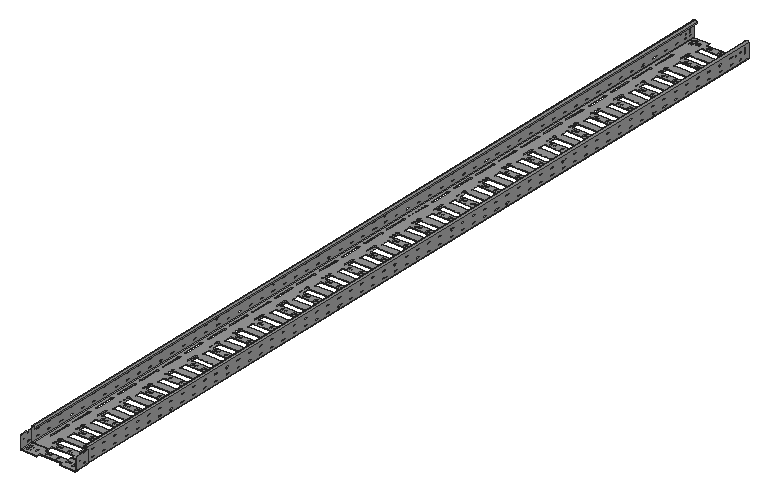
Revit family "MKSM Magic Kabelrinne 1 mm- MKSM 620 FT,FS", category Generic Models, Revit 2017
Family settings
  Can host rebar = No
  Round Connector Dimension = Use Diameter
  Part Type = Normal
  Work Plane-Based = No
  Always vertical = Yes
  Cut with Voids When Loaded = No
  Shared = No
  Room Calculation Point = No
Parameters (values of type "MKSM 620 FS")
  Width 2 = 50 mm
  Width 1 = Width / 2  # 100 mm
  Width = 200 mm
  URL = "http://www.obo-bettermann.com"
  Material = Strip galvanised
  Manufacturer Art.No. = "6059004"
  Manufacturer = "OBO Bettermann"
  Length 4 = 2745 mm
  Length 3 = 2846.7 mm
  Length 2 = 2897.5 mm
  Length 1 = 3000 mm
  Length = 3050 mm
  Height 1 = 48.3 mm
  Height = 58 mm
  GTIN = "4012195829942"
  Cut's space 2 = 101.7 mm
  Cut's space = 50.8 mm
  Cut's number 4 = Length 4 / Cut's space 2  # 27
  Cut's number 3 = Length 3 / Cut's space 2  # 28
  Cut's number 2 = Length 2 / Cut's space  # 57
  Cut's number = 2
  Article Type = "MKSM 620 FS"
Reference planes
  plane 1 "Center (Front/Back)": y = 0
  plane 2: z = 0
  plane 3 "Center (Left/Right)": x = 0
  plane 4: x = -88
  plane 5: z = 58
  plane 6: z = 58
  plane 7: z = 49
  plane 8: x = 88
  plane 9: z = 49
  plane 10: z = 58
  plane 11: z = -1.8
  plane 12: y = 15
  plane 13: z = 29.6
  plane 14: z = 17.45
  plane 15: y = 28
  plane 16: y = 45
  plane 17: y = 28
  plane 18: y = 30
  plane 19: z = 22.25
  plane 20: y = 35
  plane 21: y = 15
  plane 22: y = 28
  plane 23: z = 29.6
  plane 24: z = 22.25
  plane 25: y = 34.998
  plane 26: x = -81
  plane 27: x = 81
  plane 28: y = 25.42
  plane 29: y = 25.42
  plane 30: x = 54
  plane 31: x = -20.017
  plane 32: x = 20
  plane 33: x = -54
  plane 34: y = 3014.15
  plane 35: z = 0
  plane 36: z = 27.5
  plane 37: z = 38.5
  plane 38: z = 38.5
  plane 39: y = 2973.75
  plane 40: z = 38.5
  plane 41: z = 13.5
  plane 42: y = 2922.931
  plane 43: y = 76.25
  plane 44: z = 13.56
  plane 45: z = 13.56
  plane 46: z = 13.56
  plane 47: z = 13.56
  plane 48: z = 13.56
  plane 49: z = 13.56
  plane 50: z = 13.56
  plane 51: z = 13.56
  plane 52: z = 13.56
  plane 53: z = 13.56
  plane 54: z = 13.56
  plane 55: z = 13.56
  plane 56: z = 13.56
  plane 57: z = 13.56
  plane 58: z = 13.56
  plane 59: z = 13.56
  plane 60: z = 13.56
  plane 61: z = 13.56
  plane 62: z = 13.56
  plane 63: z = 13.56
  plane 64: z = 13.56
  plane 65: z = 13.56
  plane 66: z = 13.56
  plane 67: z = 13.56
  plane 68: z = 13.56
  plane 69: z = 13.56
  plane 70: z = 13.56
  plane 71: z = 13.56
  plane 72: z = 13.56
  plane 73: z = 13.56
  plane 74: z = 13.56
  plane 75: z = 13.56
  plane 76: z = 13.56
  plane 77: z = 13.56
  plane 78: z = 13.56
  plane 79: z = 13.56
  plane 80: z = 13.56
  plane 81: z = 13.56
  plane 82: z = 13.56
  plane 83: z = 13.56
  plane 84: z = 13.56
  plane 85: z = 13.56
  plane 86: z = 13.56
  plane 87: z = 13.56
  plane 88: z = 13.56
  plane 89: z = 13.56
  plane 90: z = 13.56
  plane 91: z = 13.56
  plane 92: z = 13.56
  plane 93: z = 13.56
  plane 94: z = 13.56
  plane 95: z = 13.56
  plane 96: z = 13.56
  plane 97: z = 13.56
  plane 98: z = 13.56
  plane 99: z = 13.56
  plane 100: z = 13.56
  plane 101: z = 13.56
  plane 102: z = 38.56
  plane 103: y = 127.088
  plane 104: y = 277.088
  plane 105: x = 0
  plane 106: y = 3037.29
  plane 107: y = 12.71
  plane 108: y = 127.08
  plane 109: y = 50.83
  plane 110: y = 2922.92
  plane 111: y = 254.252
  plane 112: z = 35
  plane 113: z = 35
  plane 114: z = 34.99
  plane 115: z = 34.99
  plane 116: y = 3035.3
  plane 117: z = 10.06
  plane 118: y = 3027.3
  plane 119: y = 152.5
  plane 120: y = 203.324
  plane 121: x = -20
  plane 122: x = 20
  plane 123: x = 61
  plane 124: x = -61
  plane 125: y = 3024.9
  plane 126: x = 13
  plane 127: x = 16.17
  plane 128: x = 27
  plane 129: y = 3029.9
  plane 130: y = 3019.9
  plane 131: x = -13
  plane 132: y = 3029.9
  plane 133: y = 3019.9
  plane 134: x = -15.976
  plane 135: x = -27
  plane 136: y = 3029.9
  plane 137: y = 3019.9
  plane 138: x = 66
  plane 139: x = 54
  plane 140: x = -66.007
  plane 141: x = -54.007
  plane 142: y = 3029.9
  plane 143: y = 3019.9
  plane 144: x = -81
  plane 145: z = -3.5
  plane 146: x = 81
  plane 147: y = 3028.422
  plane 148: y = 3013.381
  plane 149: x = -88
  plane 150: x = -74
  plane 151: x = -88
  plane 152: x = -88
  plane 153: x = -74
  plane 154: y = 3036.4
  plane 155: z = -3.5
  plane 156: x = 88
  plane 157: x = 74
  plane 158: y = 3036.4
  plane 159: y = 3013.4
  plane 160: y = 3019.925
  plane 161: y = 127.08
  plane 162: x = -20
  plane 163: x = -20
  plane 164: x = -20
  plane 165: y = 279.571
  plane 166: y = 177.912
  plane 167: x = -20
  plane 168: x = -20
  plane 169: x = -20
  plane 170: x = -20
  plane 171: x = -20
  plane 172: x = -20
  plane 173: x = -20
  plane 174: x = -20
  plane 175: x = -20
  plane 176: x = -20
  plane 177: x = -20
  plane 178: x = -20
  plane 179: x = -20
  plane 180: x = -20
  plane 181: x = -20
  plane 182: x = -20
  plane 183: x = -20
  plane 184: x = -20
  plane 185: x = -20
  plane 186: x = -20
  plane 187: x = -20
  plane 188: x = -20
  plane 189: x = -20
  plane 190: x = -20
  plane 191: x = -20
  plane 192: x = -20
  plane 193: y = 2922.708
  plane 194: y = 152.5
  plane 195: y = 2899.526
  plane 196: y = 2797.785
  plane 197: y = 101.67
  plane 198: x = -48
  plane 199: x = 48
  plane 200: x = -48
  plane 201: x = 48
  plane 202: x = -48
  plane 203: x = 48
  plane 204: x = -48
  plane 205: x = 48
  plane 206: x = -48
  plane 207: x = 48
  plane 208: x = -48
  plane 209: x = 48
  plane 210: x = -48
  plane 211: x = 48
  plane 212: x = -48
  plane 213: x = 48
  plane 214: x = -48
  plane 215: x = 48
  plane 216: x = -48
  plane 217: x = 48
  plane 218: x = -48
  plane 219: x = 48
  plane 220: x = -48
  plane 221: x = 48
  plane 222: x = -48
  plane 223: x = 48
  plane 224: x = -48
  plane 225: x = 48
  plane 226: x = -48
  plane 227: x = 48
  plane 228: x = -48
  plane 229: x = 48
  plane 230: x = -48
  plane 231: x = 48
  plane 232: x = -48
  plane 233: x = 48
  plane 234: x = -48
  plane 235: x = 48
  plane 236: x = -48
  plane 237: x = 48
  plane 238: x = -48
  plane 239: x = 48
  plane 240: x = -48
  plane 241: x = 48
  plane 242: x = -48
  plane 243: x = 48
  plane 244: x = -48
  plane 245: x = 48
  plane 246: x = -48
  plane 247: x = 48
  plane 248: x = -48
  plane 249: x = 48
  plane 250: x = -48
  plane 251: x = 48
  plane 252: x = -48
  plane 253: x = 48
  plane 254: x = -48
  plane 255: x = 48
  plane 256: y = 2999.17
  plane 257: x = -81
  plane 258: x = -81
Forms (mm)
  Extrusion 1, solid, material "Strip galvanised" <- "Material"
    sketch origin (0, 0, 0) x (1, 0, 0) y (0, 0, 1)
      loop
        line (-100, 51.968) -> (-100, 2.5)
        arc (-100, 2.5) -> (-99.268, 0.732) -> (-97.5, 0) r 2.5
        line (-97.5, 0) -> (97.5, 0)
        arc (97.5, 0) -> (99.268, 0.732) -> (100, 2.5) r 2.5
        line (100, 2.5) -> (100, 52.003)
        arc (100, 52.003) -> (94, 58.003) -> (88, 52.003) r 6
        line (88, 52.003) -> (88, 49) -> (89, 49) -> (89, 52.003)
        arc (89, 52.003) -> (94, 57.003) -> (99, 52.003) r 5
        line (99, 52.003) -> (99, 2)
        arc (99, 2) -> (98.707, 1.293) -> (98, 1) r 1
        line (98, 1) -> (-98, 1)
        arc (-98, 1) -> (-98.707, 1.293) -> (-99, 2) r 1
        line (-99, 2) -> (-99, 51.968)
        arc (-99, 51.968) -> (-94, 56.968) -> (-89, 51.968) r 5
        line (-89, 51.968) -> (-89, 49) -> (-88, 49) -> (-88, 51.968)
        arc (-88, 51.968) -> (-94, 57.968) -> (-100, 51.968) r 6
    from -3050 to -50
  Extrusion 2, solid, material "Strip galvanised" <- "Material"
    sketch origin (0, 0, 0) x (1, 0, 0) y (0, 0, 1)
      loop
        line (-100, 46.45) -> (-101.8, 46.45) -> (-101.8, 2.45)
        arc (-101.8, 2.45) -> (-100.555, -0.555) -> (-97.55, -1.8) r 4.25
        line (-97.55, -1.8) -> (97.55, -1.8)
        arc (97.55, -1.8) -> (100.555, -0.555) -> (101.8, 2.45) r 4.25
        line (101.8, 2.45) -> (101.8, 46.45) -> (100, 46.45) -> (100, 2.5)
        arc (100, 2.5) -> (99.268, 0.732) -> (97.5, 0) r 2.5
        line (97.5, 0) -> (-97.5, 0)
        arc (-97.5, 0) -> (-99.268, 0.732) -> (-100, 2.5) r 2.5
        line (-100, 2.5) -> (-100, 46.45)
    from -50 to 0
  Extrusion 3, void
    sketch origin (0, 0, 0) x (0, 1, 0) y (0, 0, 1)
      loop
        line (10, 29.6) -> (10, 25.6) -> (20, 25.6) -> (20, 29.6) -> (10, 29.6)
    from 100 to 101.8
  Extrusion 4, void
    sketch origin (0, 0, 0) x (0, 1, 0) y (0, 0, 1)
      loop
        line (0, 46.45) -> (0, 37.978) -> (3.084, 46.45) -> (0, 46.45)
    from 100 to 101.8
  Extrusion 5, void
    sketch origin (0, 0, 0) x (0, 1, 0) y (0, 0, 1)
      loop
        arc (32.245, 17.45) -> (27.995, 13.2) -> (32.245, 8.95) r 4.25
        line (32.245, 8.95) -> (40.755, 8.95)
        arc (40.755, 8.95) -> (45.005, 13.2) -> (40.755, 17.45) r 4.25
        line (40.755, 17.45) -> (32.245, 17.45)
    from 100 to 101.8
  Extrusion 6, void
    sketch origin (0, 0, 0) x (0, 1, 0) y (0, 0, 1)
      loop
        line (30, 38.141) -> (30, 22.75)
        arc (30, 22.75) -> (30.146, 22.396) -> (30.5, 22.25) r 0.5
        line (30.5, 22.25) -> (33.5, 22.25)
        arc (33.5, 22.25) -> (34.561, 22.689) -> (35, 23.75) r 1.5
        line (35, 23.75) -> (35, 38.19) -> (38.006, 46.45) -> (35, 46.45) -> (26.976, 46.45) -> (30, 38.141)
    from 100 to 101.8
  Extrusion 7, void
    sketch origin (0, 0, 0) x (0, 1, 0) y (0, 0, 1)
      loop
        line (0, 46.45) -> (0, 38.093) -> (3.042, 46.45) -> (0, 46.45)
    from -101.8 to -100
  Extrusion 8, void
    sketch origin (0, 0, 0) x (0, 1, 0) y (0, 0, 1)
      loop
        line (40.75, 17.45) -> (32.26, 17.45)
        arc (32.26, 17.45) -> (28.01, 13.2) -> (32.26, 8.95) r 4.25
        line (32.26, 8.95) -> (40.75, 8.95)
        arc (40.75, 8.95) -> (45, 13.2) -> (40.75, 17.45) r 4.25
    from -101.8 to -100
  Extrusion 9, void
    sketch origin (0, 0, 0) x (0, 1, 0) y (0, 0, 1)
      loop
        line (20, 29.6) -> (10, 29.6) -> (10, 25.6) -> (20, 25.6) -> (20, 29.6)
    from -101.8 to -100
  Extrusion 10, void
    sketch origin (0, 0, 0) x (0, 1, 0) y (0, 0, 1)
      loop
        line (38.006, 46.45) -> (26.976, 46.45) -> (30, 38.141) -> (30, 22.79)
        arc (30, 22.79) -> (30.158, 22.408) -> (30.54, 22.25) r 0.54
        line (30.54, 22.25) -> (33.498, 22.25)
        arc (33.498, 22.25) -> (34.558, 22.689) -> (34.998, 23.75) r 1.5
        line (34.998, 23.75) -> (34.998, 38.184) -> (38.006, 46.45)
    from -101.8 to -100
  Extrusion 11, void
    sketch origin (0, 0, 0) x (1, 0, 0) y (0, 1, 0)
      loop
        line (-89, 28.92) -> (-73, 28.92) -> (-73, 36.52) -> (-89, 36.52) -> (-89, 28.92)
      loop
        line (-89, 21.92) -> (-89, 14.32) -> (-73, 14.32) -> (-73, 21.92) -> (-89, 21.92)
      loop
        line (73, 28.92) -> (89, 28.92) -> (89, 36.52) -> (73, 36.52) -> (73, 28.92)
      loop
        line (73, 21.92) -> (73, 14.32) -> (89, 14.32) -> (89, 21.92) -> (73, 21.92)
    from -1.8 to 0
  Extrusion 12, void
    sketch origin (0, 0, 0) x (1, 0, 0) y (0, 1, 0)
      loop
        line (46, 28.931) -> (46, 21.92) -> (62, 21.92) -> (62, 28.931) -> (46, 28.931)
      loop
        line (12, 28.931) -> (12, 21.92) -> (28, 21.92) -> (28, 28.931) -> (12, 28.931)
      loop
        line (-28.065, 28.931) -> (-28.065, 21.92) -> (-12.017, 21.92) -> (-12.017, 28.931) -> (-28.065, 28.931)
      loop
        line (-62, 28.931) -> (-62, 21.92) -> (-46, 21.92) -> (-46, 28.931) -> (-62, 28.931)
    from -1.8 to 0
  Extrusion 13, void
    sketch origin (0, 0, 0) x (0, 1, 0) y (0, 0, 1)
      loop
        line (3018.15, 17) -> (3010.15, 17)
        arc (3010.15, 17) -> (3006.65, 13.5) -> (3010.15, 10) r 3.5
        line (3010.15, 10) -> (3018.15, 10)
        arc (3018.15, 10) -> (3021.65, 13.5) -> (3018.15, 17) r 3.5
    from -100 to -99
  Extrusion 14, void
    sketch origin (0, 0, 0) x (0, 1, 0) y (0, 0, 1)
      loop
        line (3018.15, 31.5) -> (3010.15, 31.5) -> (3010.15, 23.54) -> (3018.15, 23.54) -> (3018.15, 31.5)
    from -100 to -99
  Extrusion 15, void
    sketch origin (0, 0, 0) x (0, 1, 0) y (0, 0, 1)
      loop
        line (3018.5, 42) -> (3010.1, 42)
        arc (3010.1, 42) -> (3006.6, 38.5) -> (3010.1, 35) r 3.5
        line (3010.1, 35) -> (3018.5, 35)
        arc (3018.5, 35) -> (3022, 38.5) -> (3018.5, 42) r 3.5
    from -100 to -99
  Extrusion 16, void
    sketch origin (0, 0, 0) x (0, 1, 0) y (0, 0, 1)
      loop
        arc (3010.15, 17) -> (3006.65, 13.5) -> (3010.15, 10) r 3.5
        line (3010.15, 10) -> (3018.15, 10)
        arc (3018.15, 10) -> (3021.65, 13.5) -> (3018.15, 17) r 3.5
        line (3018.15, 17) -> (3010.15, 17)
    from 99 to 100
  Extrusion 17, void
    sketch origin (0, 0, 0) x (0, 1, 0) y (0, 0, 1)
      loop
        line (3010.15, 31.5) -> (3010.15, 23.54) -> (3018.15, 23.54) -> (3018.15, 31.5) -> (3010.15, 31.5)
    from 99 to 100
  Extrusion 18, void
    sketch origin (0, 0, 0) x (0, 1, 0) y (0, 0, 1)
      loop
        arc (3010.1, 42) -> (3006.6, 38.5) -> (3010.1, 35) r 3.5
        line (3010.1, 35) -> (3018.5, 35)
        arc (3018.5, 35) -> (3022, 38.5) -> (3018.5, 42) r 3.5
        line (3018.5, 42) -> (3010.1, 42)
    from 99 to 100
  Extrusion 19, void
    sketch origin (0, 0, 0) x (0, 1, 0) y (0, 0, 1)
      loop
        arc (69.75, 17.06) -> (66.25, 13.56) -> (69.75, 10.06) r 3.5
        line (69.75, 10.06) -> (82.75, 10.06)
        arc (82.75, 10.06) -> (86.25, 13.56) -> (82.75, 17.06) r 3.5
        line (82.75, 17.06) -> (69.75, 17.06)
    from 99 to 100
  Extrusion 20, void
    sketch origin (0, 50.838, 0) x (0, 1, 0) y (0, 0, 1)
      loop
        arc (69.75, 17.06) -> (66.25, 13.56) -> (69.75, 10.06) r 3.5
        line (69.75, 10.06) -> (82.75, 10.06)
        arc (82.75, 10.06) -> (86.25, 13.56) -> (82.75, 17.06) r 3.5
        line (82.75, 17.06) -> (69.75, 17.06)
    from 99 to 100
  Extrusion 21, void
    sketch origin (0, 101.681, 0) x (0, 1, 0) y (0, 0, 1)
      loop
        arc (69.75, 17.06) -> (66.25, 13.56) -> (69.75, 10.06) r 3.5
        line (69.75, 10.06) -> (82.75, 10.06)
        arc (82.75, 10.06) -> (86.25, 13.56) -> (82.75, 17.06) r 3.5
        line (82.75, 17.06) -> (69.75, 17.06)
    from 99 to 100
  Extrusion 22, void
    sketch origin (0, 152.525, 0) x (0, 1, 0) y (0, 0, 1)
      loop
        arc (69.75, 17.06) -> (66.25, 13.56) -> (69.75, 10.06) r 3.5
        line (69.75, 10.06) -> (82.75, 10.06)
        arc (82.75, 10.06) -> (86.25, 13.56) -> (82.75, 17.06) r 3.5
        line (82.75, 17.06) -> (69.75, 17.06)
    from 99 to 100
  Extrusion 23, void
    sketch origin (0, 203.368, 0) x (0, 1, 0) y (0, 0, 1)
      loop
        arc (69.75, 17.06) -> (66.25, 13.56) -> (69.75, 10.06) r 3.5
        line (69.75, 10.06) -> (82.75, 10.06)
        arc (82.75, 10.06) -> (86.25, 13.56) -> (82.75, 17.06) r 3.5
        line (82.75, 17.06) -> (69.75, 17.06)
    from 99 to 100
  Extrusion 24, void
    sketch origin (0, 254.211, 0) x (0, 1, 0) y (0, 0, 1)
      loop
        arc (69.75, 17.06) -> (66.25, 13.56) -> (69.75, 10.06) r 3.5
        line (69.75, 10.06) -> (82.75, 10.06)
        arc (82.75, 10.06) -> (86.25, 13.56) -> (82.75, 17.06) r 3.5
        line (82.75, 17.06) -> (69.75, 17.06)
    from 99 to 100
  Extrusion 25, void
    sketch origin (0, 305.055, 0) x (0, 1, 0) y (0, 0, 1)
      loop
        arc (69.75, 17.06) -> (66.25, 13.56) -> (69.75, 10.06) r 3.5
        line (69.75, 10.06) -> (82.75, 10.06)
        arc (82.75, 10.06) -> (86.25, 13.56) -> (82.75, 17.06) r 3.5
        line (82.75, 17.06) -> (69.75, 17.06)
    from 99 to 100
  Extrusion 26, void
    sketch origin (0, 355.898, 0) x (0, 1, 0) y (0, 0, 1)
      loop
        arc (69.75, 17.06) -> (66.25, 13.56) -> (69.75, 10.06) r 3.5
        line (69.75, 10.06) -> (82.75, 10.06)
        arc (82.75, 10.06) -> (86.25, 13.56) -> (82.75, 17.06) r 3.5
        line (82.75, 17.06) -> (69.75, 17.06)
    from 99 to 100
  Extrusion 27, void
    sketch origin (0, 406.741, 0) x (0, 1, 0) y (0, 0, 1)
      loop
        arc (69.75, 17.06) -> (66.25, 13.56) -> (69.75, 10.06) r 3.5
        line (69.75, 10.06) -> (82.75, 10.06)
        arc (82.75, 10.06) -> (86.25, 13.56) -> (82.75, 17.06) r 3.5
        line (82.75, 17.06) -> (69.75, 17.06)
    from 99 to 100
  Extrusion 28, void
    sketch origin (0, 457.585, 0) x (0, 1, 0) y (0, 0, 1)
      loop
        arc (69.75, 17.06) -> (66.25, 13.56) -> (69.75, 10.06) r 3.5
        line (69.75, 10.06) -> (82.75, 10.06)
        arc (82.75, 10.06) -> (86.25, 13.56) -> (82.75, 17.06) r 3.5
        line (82.75, 17.06) -> (69.75, 17.06)
    from 99 to 100
  Extrusion 29, void
    sketch origin (0, 508.428, 0) x (0, 1, 0) y (0, 0, 1)
      loop
        arc (69.75, 17.06) -> (66.25, 13.56) -> (69.75, 10.06) r 3.5
        line (69.75, 10.06) -> (82.75, 10.06)
        arc (82.75, 10.06) -> (86.25, 13.56) -> (82.75, 17.06) r 3.5
        line (82.75, 17.06) -> (69.75, 17.06)
    from 99 to 100
  Extrusion 30, void
    sketch origin (0, 559.272, 0) x (0, 1, 0) y (0, 0, 1)
      loop
        arc (69.75, 17.06) -> (66.25, 13.56) -> (69.75, 10.06) r 3.5
        line (69.75, 10.06) -> (82.75, 10.06)
        arc (82.75, 10.06) -> (86.25, 13.56) -> (82.75, 17.06) r 3.5
        line (82.75, 17.06) -> (69.75, 17.06)
    from 99 to 100
  Extrusion 31, void
    sketch origin (0, 610.115, 0) x (0, 1, 0) y (0, 0, 1)
      loop
        arc (69.75, 17.06) -> (66.25, 13.56) -> (69.75, 10.06) r 3.5
        line (69.75, 10.06) -> (82.75, 10.06)
        arc (82.75, 10.06) -> (86.25, 13.56) -> (82.75, 17.06) r 3.5
        line (82.75, 17.06) -> (69.75, 17.06)
    from 99 to 100
  Extrusion 32, void
    sketch origin (0, 660.958, 0) x (0, 1, 0) y (0, 0, 1)
      loop
        arc (69.75, 17.06) -> (66.25, 13.56) -> (69.75, 10.06) r 3.5
        line (69.75, 10.06) -> (82.75, 10.06)
        arc (82.75, 10.06) -> (86.25, 13.56) -> (82.75, 17.06) r 3.5
        line (82.75, 17.06) -> (69.75, 17.06)
    from 99 to 100
  Extrusion 33, void
    sketch origin (0, 711.802, 0) x (0, 1, 0) y (0, 0, 1)
      loop
        arc (69.75, 17.06) -> (66.25, 13.56) -> (69.75, 10.06) r 3.5
        line (69.75, 10.06) -> (82.75, 10.06)
        arc (82.75, 10.06) -> (86.25, 13.56) -> (82.75, 17.06) r 3.5
        line (82.75, 17.06) -> (69.75, 17.06)
    from 99 to 100
  Extrusion 34, void
    sketch origin (0, 762.645, 0) x (0, 1, 0) y (0, 0, 1)
      loop
        arc (69.75, 17.06) -> (66.25, 13.56) -> (69.75, 10.06) r 3.5
        line (69.75, 10.06) -> (82.75, 10.06)
        arc (82.75, 10.06) -> (86.25, 13.56) -> (82.75, 17.06) r 3.5
        line (82.75, 17.06) -> (69.75, 17.06)
    from 99 to 100
  Extrusion 35, void
    sketch origin (0, 813.488, 0) x (0, 1, 0) y (0, 0, 1)
      loop
        arc (69.75, 17.06) -> (66.25, 13.56) -> (69.75, 10.06) r 3.5
        line (69.75, 10.06) -> (82.75, 10.06)
        arc (82.75, 10.06) -> (86.25, 13.56) -> (82.75, 17.06) r 3.5
        line (82.75, 17.06) -> (69.75, 17.06)
    from 99 to 100
  Extrusion 36, void
    sketch origin (0, 864.332, 0) x (0, 1, 0) y (0, 0, 1)
      loop
        arc (69.75, 17.06) -> (66.25, 13.56) -> (69.75, 10.06) r 3.5
        line (69.75, 10.06) -> (82.75, 10.06)
        arc (82.75, 10.06) -> (86.25, 13.56) -> (82.75, 17.06) r 3.5
        line (82.75, 17.06) -> (69.75, 17.06)
    from 99 to 100
  Extrusion 37, void
    sketch origin (0, 915.175, 0) x (0, 1, 0) y (0, 0, 1)
      loop
        arc (69.75, 17.06) -> (66.25, 13.56) -> (69.75, 10.06) r 3.5
        line (69.75, 10.06) -> (82.75, 10.06)
        arc (82.75, 10.06) -> (86.25, 13.56) -> (82.75, 17.06) r 3.5
        line (82.75, 17.06) -> (69.75, 17.06)
    from 99 to 100
  Extrusion 38, void
    sketch origin (0, 966.018, 0) x (0, 1, 0) y (0, 0, 1)
      loop
        arc (69.75, 17.06) -> (66.25, 13.56) -> (69.75, 10.06) r 3.5
        line (69.75, 10.06) -> (82.75, 10.06)
        arc (82.75, 10.06) -> (86.25, 13.56) -> (82.75, 17.06) r 3.5
        line (82.75, 17.06) -> (69.75, 17.06)
    from 99 to 100
  Extrusion 39, void
    sketch origin (0, 1016.862, 0) x (0, 1, 0) y (0, 0, 1)
      loop
        arc (69.75, 17.06) -> (66.25, 13.56) -> (69.75, 10.06) r 3.5
        line (69.75, 10.06) -> (82.75, 10.06)
        arc (82.75, 10.06) -> (86.25, 13.56) -> (82.75, 17.06) r 3.5
        line (82.75, 17.06) -> (69.75, 17.06)
    from 99 to 100
  Extrusion 40, void
    sketch origin (0, 1067.705, 0) x (0, 1, 0) y (0, 0, 1)
      loop
        arc (69.75, 17.06) -> (66.25, 13.56) -> (69.75, 10.06) r 3.5
        line (69.75, 10.06) -> (82.75, 10.06)
        arc (82.75, 10.06) -> (86.25, 13.56) -> (82.75, 17.06) r 3.5
        line (82.75, 17.06) -> (69.75, 17.06)
    from 99 to 100
  Extrusion 41, void
    sketch origin (0, 1118.549, 0) x (0, 1, 0) y (0, 0, 1)
      loop
        arc (69.75, 17.06) -> (66.25, 13.56) -> (69.75, 10.06) r 3.5
        line (69.75, 10.06) -> (82.75, 10.06)
        arc (82.75, 10.06) -> (86.25, 13.56) -> (82.75, 17.06) r 3.5
        line (82.75, 17.06) -> (69.75, 17.06)
    from 99 to 100
  Extrusion 42, void
    sketch origin (0, 1169.392, 0) x (0, 1, 0) y (0, 0, 1)
      loop
        arc (69.75, 17.06) -> (66.25, 13.56) -> (69.75, 10.06) r 3.5
        line (69.75, 10.06) -> (82.75, 10.06)
        arc (82.75, 10.06) -> (86.25, 13.56) -> (82.75, 17.06) r 3.5
        line (82.75, 17.06) -> (69.75, 17.06)
    from 99 to 100
  Extrusion 43, void
    sketch origin (0, 1220.235, 0) x (0, 1, 0) y (0, 0, 1)
      loop
        arc (69.75, 17.06) -> (66.25, 13.56) -> (69.75, 10.06) r 3.5
        line (69.75, 10.06) -> (82.75, 10.06)
        arc (82.75, 10.06) -> (86.25, 13.56) -> (82.75, 17.06) r 3.5
        line (82.75, 17.06) -> (69.75, 17.06)
    from 99 to 100
  Extrusion 44, void
    sketch origin (0, 1271.079, 0) x (0, 1, 0) y (0, 0, 1)
      loop
        arc (69.75, 17.06) -> (66.25, 13.56) -> (69.75, 10.06) r 3.5
        line (69.75, 10.06) -> (82.75, 10.06)
        arc (82.75, 10.06) -> (86.25, 13.56) -> (82.75, 17.06) r 3.5
        line (82.75, 17.06) -> (69.75, 17.06)
    from 99 to 100
  Extrusion 45, void
    sketch origin (0, 1321.922, 0) x (0, 1, 0) y (0, 0, 1)
      loop
        arc (69.75, 17.06) -> (66.25, 13.56) -> (69.75, 10.06) r 3.5
        line (69.75, 10.06) -> (82.75, 10.06)
        arc (82.75, 10.06) -> (86.25, 13.56) -> (82.75, 17.06) r 3.5
        line (82.75, 17.06) -> (69.75, 17.06)
    from 99 to 100
  Extrusion 46, void
    sketch origin (0, 1372.765, 0) x (0, 1, 0) y (0, 0, 1)
      loop
        arc (69.75, 17.06) -> (66.25, 13.56) -> (69.75, 10.06) r 3.5
        line (69.75, 10.06) -> (82.75, 10.06)
        arc (82.75, 10.06) -> (86.25, 13.56) -> (82.75, 17.06) r 3.5
        line (82.75, 17.06) -> (69.75, 17.06)
    from 99 to 100
  Extrusion 47, void
    sketch origin (0, 1423.609, 0) x (0, 1, 0) y (0, 0, 1)
      loop
        arc (69.75, 17.06) -> (66.25, 13.56) -> (69.75, 10.06) r 3.5
        line (69.75, 10.06) -> (82.75, 10.06)
        arc (82.75, 10.06) -> (86.25, 13.56) -> (82.75, 17.06) r 3.5
        line (82.75, 17.06) -> (69.75, 17.06)
    from 99 to 100
  Extrusion 48, void
    sketch origin (0, 1474.452, 0) x (0, 1, 0) y (0, 0, 1)
      loop
        arc (69.75, 17.06) -> (66.25, 13.56) -> (69.75, 10.06) r 3.5
        line (69.75, 10.06) -> (82.75, 10.06)
        arc (82.75, 10.06) -> (86.25, 13.56) -> (82.75, 17.06) r 3.5
        line (82.75, 17.06) -> (69.75, 17.06)
    from 99 to 100
  Extrusion 49, void
    sketch origin (0, 1525.295, 0) x (0, 1, 0) y (0, 0, 1)
      loop
        arc (69.75, 17.06) -> (66.25, 13.56) -> (69.75, 10.06) r 3.5
        line (69.75, 10.06) -> (82.75, 10.06)
        arc (82.75, 10.06) -> (86.25, 13.56) -> (82.75, 17.06) r 3.5
        line (82.75, 17.06) -> (69.75, 17.06)
    from 99 to 100
  Extrusion 50, void
    sketch origin (0, 1576.139, 0) x (0, 1, 0) y (0, 0, 1)
      loop
        arc (69.75, 17.06) -> (66.25, 13.56) -> (69.75, 10.06) r 3.5
        line (69.75, 10.06) -> (82.75, 10.06)
        arc (82.75, 10.06) -> (86.25, 13.56) -> (82.75, 17.06) r 3.5
        line (82.75, 17.06) -> (69.75, 17.06)
    from 99 to 100
  Extrusion 51, void
    sketch origin (0, 1626.982, 0) x (0, 1, 0) y (0, 0, 1)
      loop
        arc (69.75, 17.06) -> (66.25, 13.56) -> (69.75, 10.06) r 3.5
        line (69.75, 10.06) -> (82.75, 10.06)
        arc (82.75, 10.06) -> (86.25, 13.56) -> (82.75, 17.06) r 3.5
        line (82.75, 17.06) -> (69.75, 17.06)
    from 99 to 100
  Extrusion 52, void
    sketch origin (0, 1677.825, 0) x (0, 1, 0) y (0, 0, 1)
      loop
        arc (69.75, 17.06) -> (66.25, 13.56) -> (69.75, 10.06) r 3.5
        line (69.75, 10.06) -> (82.75, 10.06)
        arc (82.75, 10.06) -> (86.25, 13.56) -> (82.75, 17.06) r 3.5
        line (82.75, 17.06) -> (69.75, 17.06)
    from 99 to 100
  Extrusion 53, void
    sketch origin (0, 1728.669, 0) x (0, 1, 0) y (0, 0, 1)
      loop
        arc (69.75, 17.06) -> (66.25, 13.56) -> (69.75, 10.06) r 3.5
        line (69.75, 10.06) -> (82.75, 10.06)
        arc (82.75, 10.06) -> (86.25, 13.56) -> (82.75, 17.06) r 3.5
        line (82.75, 17.06) -> (69.75, 17.06)
    from 99 to 100
  Extrusion 54, void
    sketch origin (0, 1779.512, 0) x (0, 1, 0) y (0, 0, 1)
      loop
        arc (69.75, 17.06) -> (66.25, 13.56) -> (69.75, 10.06) r 3.5
        line (69.75, 10.06) -> (82.75, 10.06)
        arc (82.75, 10.06) -> (86.25, 13.56) -> (82.75, 17.06) r 3.5
        line (82.75, 17.06) -> (69.75, 17.06)
    from 99 to 100
  Extrusion 55, void
    sketch origin (0, 1830.356, 0) x (0, 1, 0) y (0, 0, 1)
      loop
        arc (69.75, 17.06) -> (66.25, 13.56) -> (69.75, 10.06) r 3.5
        line (69.75, 10.06) -> (82.75, 10.06)
        arc (82.75, 10.06) -> (86.25, 13.56) -> (82.75, 17.06) r 3.5
        line (82.75, 17.06) -> (69.75, 17.06)
    from 99 to 100
  Extrusion 56, void
    sketch origin (0, 1881.199, 0) x (0, 1, 0) y (0, 0, 1)
      loop
        arc (69.75, 17.06) -> (66.25, 13.56) -> (69.75, 10.06) r 3.5
        line (69.75, 10.06) -> (82.75, 10.06)
        arc (82.75, 10.06) -> (86.25, 13.56) -> (82.75, 17.06) r 3.5
        line (82.75, 17.06) -> (69.75, 17.06)
    from 99 to 100
  Extrusion 57, void
    sketch origin (0, 1932.042, 0) x (0, 1, 0) y (0, 0, 1)
      loop
        arc (69.75, 17.06) -> (66.25, 13.56) -> (69.75, 10.06) r 3.5
        line (69.75, 10.06) -> (82.75, 10.06)
        arc (82.75, 10.06) -> (86.25, 13.56) -> (82.75, 17.06) r 3.5
        line (82.75, 17.06) -> (69.75, 17.06)
    from 99 to 100
  Extrusion 58, void
    sketch origin (0, 1982.886, 0) x (0, 1, 0) y (0, 0, 1)
      loop
        arc (69.75, 17.06) -> (66.25, 13.56) -> (69.75, 10.06) r 3.5
        line (69.75, 10.06) -> (82.75, 10.06)
        arc (82.75, 10.06) -> (86.25, 13.56) -> (82.75, 17.06) r 3.5
        line (82.75, 17.06) -> (69.75, 17.06)
    from 99 to 100
  Extrusion 59, void
    sketch origin (0, 2033.729, 0) x (0, 1, 0) y (0, 0, 1)
      loop
        arc (69.75, 17.06) -> (66.25, 13.56) -> (69.75, 10.06) r 3.5
        line (69.75, 10.06) -> (82.75, 10.06)
        arc (82.75, 10.06) -> (86.25, 13.56) -> (82.75, 17.06) r 3.5
        line (82.75, 17.06) -> (69.75, 17.06)
    from 99 to 100
  Extrusion 60, void
    sketch origin (0, 2084.572, 0) x (0, 1, 0) y (0, 0, 1)
      loop
        arc (69.75, 17.06) -> (66.25, 13.56) -> (69.75, 10.06) r 3.5
        line (69.75, 10.06) -> (82.75, 10.06)
        arc (82.75, 10.06) -> (86.25, 13.56) -> (82.75, 17.06) r 3.5
        line (82.75, 17.06) -> (69.75, 17.06)
    from 99 to 100
  Extrusion 61, void
    sketch origin (0, 2135.416, 0) x (0, 1, 0) y (0, 0, 1)
      loop
        arc (69.75, 17.06) -> (66.25, 13.56) -> (69.75, 10.06) r 3.5
        line (69.75, 10.06) -> (82.75, 10.06)
        arc (82.75, 10.06) -> (86.25, 13.56) -> (82.75, 17.06) r 3.5
        line (82.75, 17.06) -> (69.75, 17.06)
    from 99 to 100
  Extrusion 62, void
    sketch origin (0, 2186.259, 0) x (0, 1, 0) y (0, 0, 1)
      loop
        arc (69.75, 17.06) -> (66.25, 13.56) -> (69.75, 10.06) r 3.5
        line (69.75, 10.06) -> (82.75, 10.06)
        arc (82.75, 10.06) -> (86.25, 13.56) -> (82.75, 17.06) r 3.5
        line (82.75, 17.06) -> (69.75, 17.06)
    from 99 to 100
  Extrusion 63, void
    sketch origin (0, 2237.102, 0) x (0, 1, 0) y (0, 0, 1)
      loop
        arc (69.75, 17.06) -> (66.25, 13.56) -> (69.75, 10.06) r 3.5
        line (69.75, 10.06) -> (82.75, 10.06)
        arc (82.75, 10.06) -> (86.25, 13.56) -> (82.75, 17.06) r 3.5
        line (82.75, 17.06) -> (69.75, 17.06)
    from 99 to 100
  Extrusion 64, void
    sketch origin (0, 2287.946, 0) x (0, 1, 0) y (0, 0, 1)
      loop
        arc (69.75, 17.06) -> (66.25, 13.56) -> (69.75, 10.06) r 3.5
        line (69.75, 10.06) -> (82.75, 10.06)
        arc (82.75, 10.06) -> (86.25, 13.56) -> (82.75, 17.06) r 3.5
        line (82.75, 17.06) -> (69.75, 17.06)
    from 99 to 100
  Extrusion 65, void
    sketch origin (0, 2338.789, 0) x (0, 1, 0) y (0, 0, 1)
      loop
        arc (69.75, 17.06) -> (66.25, 13.56) -> (69.75, 10.06) r 3.5
        line (69.75, 10.06) -> (82.75, 10.06)
        arc (82.75, 10.06) -> (86.25, 13.56) -> (82.75, 17.06) r 3.5
        line (82.75, 17.06) -> (69.75, 17.06)
    from 99 to 100
  Extrusion 66, void
    sketch origin (0, 2389.633, 0) x (0, 1, 0) y (0, 0, 1)
      loop
        arc (69.75, 17.06) -> (66.25, 13.56) -> (69.75, 10.06) r 3.5
        line (69.75, 10.06) -> (82.75, 10.06)
        arc (82.75, 10.06) -> (86.25, 13.56) -> (82.75, 17.06) r 3.5
        line (82.75, 17.06) -> (69.75, 17.06)
    from 99 to 100
  Extrusion 67, void
    sketch origin (0, 2440.476, 0) x (0, 1, 0) y (0, 0, 1)
      loop
        arc (69.75, 17.06) -> (66.25, 13.56) -> (69.75, 10.06) r 3.5
        line (69.75, 10.06) -> (82.75, 10.06)
        arc (82.75, 10.06) -> (86.25, 13.56) -> (82.75, 17.06) r 3.5
        line (82.75, 17.06) -> (69.75, 17.06)
    from 99 to 100
  Extrusion 68, void
    sketch origin (0, 2491.319, 0) x (0, 1, 0) y (0, 0, 1)
      loop
        arc (69.75, 17.06) -> (66.25, 13.56) -> (69.75, 10.06) r 3.5
        line (69.75, 10.06) -> (82.75, 10.06)
        arc (82.75, 10.06) -> (86.25, 13.56) -> (82.75, 17.06) r 3.5
        line (82.75, 17.06) -> (69.75, 17.06)
    from 99 to 100
  Extrusion 69, void
    sketch origin (0, 2542.163, 0) x (0, 1, 0) y (0, 0, 1)
      loop
        arc (69.75, 17.06) -> (66.25, 13.56) -> (69.75, 10.06) r 3.5
        line (69.75, 10.06) -> (82.75, 10.06)
        arc (82.75, 10.06) -> (86.25, 13.56) -> (82.75, 17.06) r 3.5
        line (82.75, 17.06) -> (69.75, 17.06)
    from 99 to 100
  Extrusion 70, void
    sketch origin (0, 2593.006, 0) x (0, 1, 0) y (0, 0, 1)
      loop
        arc (69.75, 17.06) -> (66.25, 13.56) -> (69.75, 10.06) r 3.5
        line (69.75, 10.06) -> (82.75, 10.06)
        arc (82.75, 10.06) -> (86.25, 13.56) -> (82.75, 17.06) r 3.5
        line (82.75, 17.06) -> (69.75, 17.06)
    from 99 to 100
  Extrusion 71, void
    sketch origin (0, 2643.849, 0) x (0, 1, 0) y (0, 0, 1)
      loop
        arc (69.75, 17.06) -> (66.25, 13.56) -> (69.75, 10.06) r 3.5
        line (69.75, 10.06) -> (82.75, 10.06)
        arc (82.75, 10.06) -> (86.25, 13.56) -> (82.75, 17.06) r 3.5
        line (82.75, 17.06) -> (69.75, 17.06)
    from 99 to 100
  Extrusion 72, void
    sketch origin (0, 2694.693, 0) x (0, 1, 0) y (0, 0, 1)
      loop
        arc (69.75, 17.06) -> (66.25, 13.56) -> (69.75, 10.06) r 3.5
        line (69.75, 10.06) -> (82.75, 10.06)
        arc (82.75, 10.06) -> (86.25, 13.56) -> (82.75, 17.06) r 3.5
        line (82.75, 17.06) -> (69.75, 17.06)
    from 99 to 100
  Extrusion 73, void
    sketch origin (0, 2745.536, 0) x (0, 1, 0) y (0, 0, 1)
      loop
        arc (69.75, 17.06) -> (66.25, 13.56) -> (69.75, 10.06) r 3.5
        line (69.75, 10.06) -> (82.75, 10.06)
        arc (82.75, 10.06) -> (86.25, 13.56) -> (82.75, 17.06) r 3.5
        line (82.75, 17.06) -> (69.75, 17.06)
    from 99 to 100
  Extrusion 74, void
    sketch origin (0, 2796.379, 0) x (0, 1, 0) y (0, 0, 1)
      loop
        arc (69.75, 17.06) -> (66.25, 13.56) -> (69.75, 10.06) r 3.5
        line (69.75, 10.06) -> (82.75, 10.06)
        arc (82.75, 10.06) -> (86.25, 13.56) -> (82.75, 17.06) r 3.5
        line (82.75, 17.06) -> (69.75, 17.06)
    from 99 to 100
  Extrusion 75, void
    sketch origin (0, 2847.223, 0) x (0, 1, 0) y (0, 0, 1)
      loop
        arc (69.75, 17.06) -> (66.25, 13.56) -> (69.75, 10.06) r 3.5
        line (69.75, 10.06) -> (82.75, 10.06)
        arc (82.75, 10.06) -> (86.25, 13.56) -> (82.75, 17.06) r 3.5
        line (82.75, 17.06) -> (69.75, 17.06)
    from 99 to 100
  Extrusion 76, void
    sketch origin (0, 2898.066, 0) x (0, 1, 0) y (0, 0, 1)
      loop
        arc (69.75, 17.06) -> (66.25, 13.56) -> (69.75, 10.06) r 3.5
        line (69.75, 10.06) -> (82.75, 10.06)
        arc (82.75, 10.06) -> (86.25, 13.56) -> (82.75, 17.06) r 3.5
        line (82.75, 17.06) -> (69.75, 17.06)
    from 99 to 100
  Extrusion 77, void
    sketch origin (0, 0, 0) x (0, 1, 0) y (0, 0, 1)
      loop
        line (82.75, 17.06) -> (69.75, 17.06)
        arc (69.75, 17.06) -> (66.25, 13.56) -> (69.75, 10.06) r 3.5
        line (69.75, 10.06) -> (82.75, 10.06)
        arc (82.75, 10.06) -> (86.25, 13.56) -> (82.75, 17.06) r 3.5
    from -100 to -99
  Extrusion 78, void
    sketch origin (0, 50.838, 0) x (0, 1, 0) y (0, 0, 1)
      loop
        line (82.75, 17.06) -> (69.75, 17.06)
        arc (69.75, 17.06) -> (66.25, 13.56) -> (69.75, 10.06) r 3.5
        line (69.75, 10.06) -> (82.75, 10.06)
        arc (82.75, 10.06) -> (86.25, 13.56) -> (82.75, 17.06) r 3.5
    from -100 to -99
  Extrusion 79, void
    sketch origin (0, 101.681, 0) x (0, 1, 0) y (0, 0, 1)
      loop
        line (82.75, 17.06) -> (69.75, 17.06)
        arc (69.75, 17.06) -> (66.25, 13.56) -> (69.75, 10.06) r 3.5
        line (69.75, 10.06) -> (82.75, 10.06)
        arc (82.75, 10.06) -> (86.25, 13.56) -> (82.75, 17.06) r 3.5
    from -100 to -99
  Extrusion 80, void
    sketch origin (0, 152.525, 0) x (0, 1, 0) y (0, 0, 1)
      loop
        line (82.75, 17.06) -> (69.75, 17.06)
        arc (69.75, 17.06) -> (66.25, 13.56) -> (69.75, 10.06) r 3.5
        line (69.75, 10.06) -> (82.75, 10.06)
        arc (82.75, 10.06) -> (86.25, 13.56) -> (82.75, 17.06) r 3.5
    from -100 to -99
  Extrusion 81, void
    sketch origin (0, 203.368, 0) x (0, 1, 0) y (0, 0, 1)
      loop
        line (82.75, 17.06) -> (69.75, 17.06)
        arc (69.75, 17.06) -> (66.25, 13.56) -> (69.75, 10.06) r 3.5
        line (69.75, 10.06) -> (82.75, 10.06)
        arc (82.75, 10.06) -> (86.25, 13.56) -> (82.75, 17.06) r 3.5
    from -100 to -99
  Extrusion 82, void
    sketch origin (0, 254.211, 0) x (0, 1, 0) y (0, 0, 1)
      loop
        line (82.75, 17.06) -> (69.75, 17.06)
        arc (69.75, 17.06) -> (66.25, 13.56) -> (69.75, 10.06) r 3.5
        line (69.75, 10.06) -> (82.75, 10.06)
        arc (82.75, 10.06) -> (86.25, 13.56) -> (82.75, 17.06) r 3.5
    from -100 to -99
  Extrusion 83, void
    sketch origin (0, 305.055, 0) x (0, 1, 0) y (0, 0, 1)
      loop
        line (82.75, 17.06) -> (69.75, 17.06)
        arc (69.75, 17.06) -> (66.25, 13.56) -> (69.75, 10.06) r 3.5
        line (69.75, 10.06) -> (82.75, 10.06)
        arc (82.75, 10.06) -> (86.25, 13.56) -> (82.75, 17.06) r 3.5
    from -100 to -99
  Extrusion 84, void
    sketch origin (0, 355.898, 0) x (0, 1, 0) y (0, 0, 1)
      loop
        line (82.75, 17.06) -> (69.75, 17.06)
        arc (69.75, 17.06) -> (66.25, 13.56) -> (69.75, 10.06) r 3.5
        line (69.75, 10.06) -> (82.75, 10.06)
        arc (82.75, 10.06) -> (86.25, 13.56) -> (82.75, 17.06) r 3.5
    from -100 to -99
  Extrusion 85, void
    sketch origin (0, 406.741, 0) x (0, 1, 0) y (0, 0, 1)
      loop
        line (82.75, 17.06) -> (69.75, 17.06)
        arc (69.75, 17.06) -> (66.25, 13.56) -> (69.75, 10.06) r 3.5
        line (69.75, 10.06) -> (82.75, 10.06)
        arc (82.75, 10.06) -> (86.25, 13.56) -> (82.75, 17.06) r 3.5
    from -100 to -99
  Extrusion 86, void
    sketch origin (0, 457.585, 0) x (0, 1, 0) y (0, 0, 1)
      loop
        line (82.75, 17.06) -> (69.75, 17.06)
        arc (69.75, 17.06) -> (66.25, 13.56) -> (69.75, 10.06) r 3.5
        line (69.75, 10.06) -> (82.75, 10.06)
        arc (82.75, 10.06) -> (86.25, 13.56) -> (82.75, 17.06) r 3.5
    from -100 to -99
  Extrusion 87, void
    sketch origin (0, 508.428, 0) x (0, 1, 0) y (0, 0, 1)
      loop
        line (82.75, 17.06) -> (69.75, 17.06)
        arc (69.75, 17.06) -> (66.25, 13.56) -> (69.75, 10.06) r 3.5
        line (69.75, 10.06) -> (82.75, 10.06)
        arc (82.75, 10.06) -> (86.25, 13.56) -> (82.75, 17.06) r 3.5
    from -100 to -99
  Extrusion 88, void
    sketch origin (0, 559.272, 0) x (0, 1, 0) y (0, 0, 1)
      loop
        line (82.75, 17.06) -> (69.75, 17.06)
        arc (69.75, 17.06) -> (66.25, 13.56) -> (69.75, 10.06) r 3.5
        line (69.75, 10.06) -> (82.75, 10.06)
        arc (82.75, 10.06) -> (86.25, 13.56) -> (82.75, 17.06) r 3.5
    from -100 to -99
  Extrusion 89, void
    sketch origin (0, 610.115, 0) x (0, 1, 0) y (0, 0, 1)
      loop
        line (82.75, 17.06) -> (69.75, 17.06)
        arc (69.75, 17.06) -> (66.25, 13.56) -> (69.75, 10.06) r 3.5
        line (69.75, 10.06) -> (82.75, 10.06)
        arc (82.75, 10.06) -> (86.25, 13.56) -> (82.75, 17.06) r 3.5
    from -100 to -99
  Extrusion 90, void
    sketch origin (0, 660.958, 0) x (0, 1, 0) y (0, 0, 1)
      loop
        line (82.75, 17.06) -> (69.75, 17.06)
        arc (69.75, 17.06) -> (66.25, 13.56) -> (69.75, 10.06) r 3.5
        line (69.75, 10.06) -> (82.75, 10.06)
        arc (82.75, 10.06) -> (86.25, 13.56) -> (82.75, 17.06) r 3.5
    from -100 to -99
  Extrusion 91, void
    sketch origin (0, 711.802, 0) x (0, 1, 0) y (0, 0, 1)
      loop
        line (82.75, 17.06) -> (69.75, 17.06)
        arc (69.75, 17.06) -> (66.25, 13.56) -> (69.75, 10.06) r 3.5
        line (69.75, 10.06) -> (82.75, 10.06)
        arc (82.75, 10.06) -> (86.25, 13.56) -> (82.75, 17.06) r 3.5
    from -100 to -99
  Extrusion 92, void
    sketch origin (0, 762.645, 0) x (0, 1, 0) y (0, 0, 1)
      loop
        line (82.75, 17.06) -> (69.75, 17.06)
        arc (69.75, 17.06) -> (66.25, 13.56) -> (69.75, 10.06) r 3.5
        line (69.75, 10.06) -> (82.75, 10.06)
        arc (82.75, 10.06) -> (86.25, 13.56) -> (82.75, 17.06) r 3.5
    from -100 to -99
  Extrusion 93, void
    sketch origin (0, 813.488, 0) x (0, 1, 0) y (0, 0, 1)
      loop
        line (82.75, 17.06) -> (69.75, 17.06)
        arc (69.75, 17.06) -> (66.25, 13.56) -> (69.75, 10.06) r 3.5
        line (69.75, 10.06) -> (82.75, 10.06)
        arc (82.75, 10.06) -> (86.25, 13.56) -> (82.75, 17.06) r 3.5
    from -100 to -99
  Extrusion 94, void
    sketch origin (0, 864.332, 0) x (0, 1, 0) y (0, 0, 1)
      loop
        line (82.75, 17.06) -> (69.75, 17.06)
        arc (69.75, 17.06) -> (66.25, 13.56) -> (69.75, 10.06) r 3.5
        line (69.75, 10.06) -> (82.75, 10.06)
        arc (82.75, 10.06) -> (86.25, 13.56) -> (82.75, 17.06) r 3.5
    from -100 to -99
  Extrusion 95, void
    sketch origin (0, 915.175, 0) x (0, 1, 0) y (0, 0, 1)
      loop
        line (82.75, 17.06) -> (69.75, 17.06)
        arc (69.75, 17.06) -> (66.25, 13.56) -> (69.75, 10.06) r 3.5
        line (69.75, 10.06) -> (82.75, 10.06)
        arc (82.75, 10.06) -> (86.25, 13.56) -> (82.75, 17.06) r 3.5
    from -100 to -99
  Extrusion 96, void
    sketch origin (0, 966.018, 0) x (0, 1, 0) y (0, 0, 1)
      loop
        line (82.75, 17.06) -> (69.75, 17.06)
        arc (69.75, 17.06) -> (66.25, 13.56) -> (69.75, 10.06) r 3.5
        line (69.75, 10.06) -> (82.75, 10.06)
        arc (82.75, 10.06) -> (86.25, 13.56) -> (82.75, 17.06) r 3.5
    from -100 to -99
  Extrusion 97, void
    sketch origin (0, 1016.862, 0) x (0, 1, 0) y (0, 0, 1)
      loop
        line (82.75, 17.06) -> (69.75, 17.06)
        arc (69.75, 17.06) -> (66.25, 13.56) -> (69.75, 10.06) r 3.5
        line (69.75, 10.06) -> (82.75, 10.06)
        arc (82.75, 10.06) -> (86.25, 13.56) -> (82.75, 17.06) r 3.5
    from -100 to -99
  Extrusion 98, void
    sketch origin (0, 1067.705, 0) x (0, 1, 0) y (0, 0, 1)
      loop
        line (82.75, 17.06) -> (69.75, 17.06)
        arc (69.75, 17.06) -> (66.25, 13.56) -> (69.75, 10.06) r 3.5
        line (69.75, 10.06) -> (82.75, 10.06)
        arc (82.75, 10.06) -> (86.25, 13.56) -> (82.75, 17.06) r 3.5
    from -100 to -99
  Extrusion 99, void
    sketch origin (0, 1118.549, 0) x (0, 1, 0) y (0, 0, 1)
      loop
        line (82.75, 17.06) -> (69.75, 17.06)
        arc (69.75, 17.06) -> (66.25, 13.56) -> (69.75, 10.06) r 3.5
        line (69.75, 10.06) -> (82.75, 10.06)
        arc (82.75, 10.06) -> (86.25, 13.56) -> (82.75, 17.06) r 3.5
    from -100 to -99
  Extrusion 100, void
    sketch origin (0, 1169.392, 0) x (0, 1, 0) y (0, 0, 1)
      loop
        line (82.75, 17.06) -> (69.75, 17.06)
        arc (69.75, 17.06) -> (66.25, 13.56) -> (69.75, 10.06) r 3.5
        line (69.75, 10.06) -> (82.75, 10.06)
        arc (82.75, 10.06) -> (86.25, 13.56) -> (82.75, 17.06) r 3.5
    from -100 to -99
  Extrusion 101, void
    sketch origin (0, 1220.235, 0) x (0, 1, 0) y (0, 0, 1)
      loop
        line (82.75, 17.06) -> (69.75, 17.06)
        arc (69.75, 17.06) -> (66.25, 13.56) -> (69.75, 10.06) r 3.5
        line (69.75, 10.06) -> (82.75, 10.06)
        arc (82.75, 10.06) -> (86.25, 13.56) -> (82.75, 17.06) r 3.5
    from -100 to -99
  Extrusion 102, void
    sketch origin (0, 1271.079, 0) x (0, 1, 0) y (0, 0, 1)
      loop
        line (82.75, 17.06) -> (69.75, 17.06)
        arc (69.75, 17.06) -> (66.25, 13.56) -> (69.75, 10.06) r 3.5
        line (69.75, 10.06) -> (82.75, 10.06)
        arc (82.75, 10.06) -> (86.25, 13.56) -> (82.75, 17.06) r 3.5
    from -100 to -99
  Extrusion 103, void
    sketch origin (0, 1321.922, 0) x (0, 1, 0) y (0, 0, 1)
      loop
        line (82.75, 17.06) -> (69.75, 17.06)
        arc (69.75, 17.06) -> (66.25, 13.56) -> (69.75, 10.06) r 3.5
        line (69.75, 10.06) -> (82.75, 10.06)
        arc (82.75, 10.06) -> (86.25, 13.56) -> (82.75, 17.06) r 3.5
    from -100 to -99
  Extrusion 104, void
    sketch origin (0, 1372.765, 0) x (0, 1, 0) y (0, 0, 1)
      loop
        line (82.75, 17.06) -> (69.75, 17.06)
        arc (69.75, 17.06) -> (66.25, 13.56) -> (69.75, 10.06) r 3.5
        line (69.75, 10.06) -> (82.75, 10.06)
        arc (82.75, 10.06) -> (86.25, 13.56) -> (82.75, 17.06) r 3.5
    from -100 to -99
  Extrusion 105, void
    sketch origin (0, 1423.609, 0) x (0, 1, 0) y (0, 0, 1)
      loop
        line (82.75, 17.06) -> (69.75, 17.06)
        arc (69.75, 17.06) -> (66.25, 13.56) -> (69.75, 10.06) r 3.5
        line (69.75, 10.06) -> (82.75, 10.06)
        arc (82.75, 10.06) -> (86.25, 13.56) -> (82.75, 17.06) r 3.5
    from -100 to -99
  Extrusion 106, void
    sketch origin (0, 1474.452, 0) x (0, 1, 0) y (0, 0, 1)
      loop
        line (82.75, 17.06) -> (69.75, 17.06)
        arc (69.75, 17.06) -> (66.25, 13.56) -> (69.75, 10.06) r 3.5
        line (69.75, 10.06) -> (82.75, 10.06)
        arc (82.75, 10.06) -> (86.25, 13.56) -> (82.75, 17.06) r 3.5
    from -100 to -99
  Extrusion 107, void
    sketch origin (0, 1525.295, 0) x (0, 1, 0) y (0, 0, 1)
      loop
        line (82.75, 17.06) -> (69.75, 17.06)
        arc (69.75, 17.06) -> (66.25, 13.56) -> (69.75, 10.06) r 3.5
        line (69.75, 10.06) -> (82.75, 10.06)
        arc (82.75, 10.06) -> (86.25, 13.56) -> (82.75, 17.06) r 3.5
    from -100 to -99
  Extrusion 108, void
    sketch origin (0, 1576.139, 0) x (0, 1, 0) y (0, 0, 1)
      loop
        line (82.75, 17.06) -> (69.75, 17.06)
        arc (69.75, 17.06) -> (66.25, 13.56) -> (69.75, 10.06) r 3.5
        line (69.75, 10.06) -> (82.75, 10.06)
        arc (82.75, 10.06) -> (86.25, 13.56) -> (82.75, 17.06) r 3.5
    from -100 to -99
  Extrusion 109, void
    sketch origin (0, 1626.982, 0) x (0, 1, 0) y (0, 0, 1)
      loop
        line (82.75, 17.06) -> (69.75, 17.06)
        arc (69.75, 17.06) -> (66.25, 13.56) -> (69.75, 10.06) r 3.5
        line (69.75, 10.06) -> (82.75, 10.06)
        arc (82.75, 10.06) -> (86.25, 13.56) -> (82.75, 17.06) r 3.5
    from -100 to -99
  Extrusion 110, void
    sketch origin (0, 1677.825, 0) x (0, 1, 0) y (0, 0, 1)
      loop
        line (82.75, 17.06) -> (69.75, 17.06)
        arc (69.75, 17.06) -> (66.25, 13.56) -> (69.75, 10.06) r 3.5
        line (69.75, 10.06) -> (82.75, 10.06)
        arc (82.75, 10.06) -> (86.25, 13.56) -> (82.75, 17.06) r 3.5
    from -100 to -99
  Extrusion 111, void
    sketch origin (0, 1728.669, 0) x (0, 1, 0) y (0, 0, 1)
      loop
        line (82.75, 17.06) -> (69.75, 17.06)
        arc (69.75, 17.06) -> (66.25, 13.56) -> (69.75, 10.06) r 3.5
        line (69.75, 10.06) -> (82.75, 10.06)
        arc (82.75, 10.06) -> (86.25, 13.56) -> (82.75, 17.06) r 3.5
    from -100 to -99
  Extrusion 112, void
    sketch origin (0, 1779.512, 0) x (0, 1, 0) y (0, 0, 1)
      loop
        line (82.75, 17.06) -> (69.75, 17.06)
        arc (69.75, 17.06) -> (66.25, 13.56) -> (69.75, 10.06) r 3.5
        line (69.75, 10.06) -> (82.75, 10.06)
        arc (82.75, 10.06) -> (86.25, 13.56) -> (82.75, 17.06) r 3.5
    from -100 to -99
  Extrusion 113, void
    sketch origin (0, 1830.356, 0) x (0, 1, 0) y (0, 0, 1)
      loop
        line (82.75, 17.06) -> (69.75, 17.06)
        arc (69.75, 17.06) -> (66.25, 13.56) -> (69.75, 10.06) r 3.5
        line (69.75, 10.06) -> (82.75, 10.06)
        arc (82.75, 10.06) -> (86.25, 13.56) -> (82.75, 17.06) r 3.5
    from -100 to -99
  Extrusion 114, void
    sketch origin (0, 1881.199, 0) x (0, 1, 0) y (0, 0, 1)
      loop
        line (82.75, 17.06) -> (69.75, 17.06)
        arc (69.75, 17.06) -> (66.25, 13.56) -> (69.75, 10.06) r 3.5
        line (69.75, 10.06) -> (82.75, 10.06)
        arc (82.75, 10.06) -> (86.25, 13.56) -> (82.75, 17.06) r 3.5
    from -100 to -99
  Extrusion 115, void
    sketch origin (0, 1932.042, 0) x (0, 1, 0) y (0, 0, 1)
      loop
        line (82.75, 17.06) -> (69.75, 17.06)
        arc (69.75, 17.06) -> (66.25, 13.56) -> (69.75, 10.06) r 3.5
        line (69.75, 10.06) -> (82.75, 10.06)
        arc (82.75, 10.06) -> (86.25, 13.56) -> (82.75, 17.06) r 3.5
    from -100 to -99
  Extrusion 116, void
    sketch origin (0, 1982.886, 0) x (0, 1, 0) y (0, 0, 1)
      loop
        line (82.75, 17.06) -> (69.75, 17.06)
        arc (69.75, 17.06) -> (66.25, 13.56) -> (69.75, 10.06) r 3.5
        line (69.75, 10.06) -> (82.75, 10.06)
        arc (82.75, 10.06) -> (86.25, 13.56) -> (82.75, 17.06) r 3.5
    from -100 to -99
  Extrusion 117, void
    sketch origin (0, 2033.729, 0) x (0, 1, 0) y (0, 0, 1)
      loop
        line (82.75, 17.06) -> (69.75, 17.06)
        arc (69.75, 17.06) -> (66.25, 13.56) -> (69.75, 10.06) r 3.5
        line (69.75, 10.06) -> (82.75, 10.06)
        arc (82.75, 10.06) -> (86.25, 13.56) -> (82.75, 17.06) r 3.5
    from -100 to -99
  Extrusion 118, void
    sketch origin (0, 2084.572, 0) x (0, 1, 0) y (0, 0, 1)
      loop
        line (82.75, 17.06) -> (69.75, 17.06)
        arc (69.75, 17.06) -> (66.25, 13.56) -> (69.75, 10.06) r 3.5
        line (69.75, 10.06) -> (82.75, 10.06)
        arc (82.75, 10.06) -> (86.25, 13.56) -> (82.75, 17.06) r 3.5
    from -100 to -99
  Extrusion 119, void
    sketch origin (0, 2135.416, 0) x (0, 1, 0) y (0, 0, 1)
      loop
        line (82.75, 17.06) -> (69.75, 17.06)
        arc (69.75, 17.06) -> (66.25, 13.56) -> (69.75, 10.06) r 3.5
        line (69.75, 10.06) -> (82.75, 10.06)
        arc (82.75, 10.06) -> (86.25, 13.56) -> (82.75, 17.06) r 3.5
    from -100 to -99
  Extrusion 120, void
    sketch origin (0, 2186.259, 0) x (0, 1, 0) y (0, 0, 1)
      loop
        line (82.75, 17.06) -> (69.75, 17.06)
        arc (69.75, 17.06) -> (66.25, 13.56) -> (69.75, 10.06) r 3.5
        line (69.75, 10.06) -> (82.75, 10.06)
        arc (82.75, 10.06) -> (86.25, 13.56) -> (82.75, 17.06) r 3.5
    from -100 to -99
  Extrusion 121, void
    sketch origin (0, 2237.102, 0) x (0, 1, 0) y (0, 0, 1)
      loop
        line (82.75, 17.06) -> (69.75, 17.06)
        arc (69.75, 17.06) -> (66.25, 13.56) -> (69.75, 10.06) r 3.5
        line (69.75, 10.06) -> (82.75, 10.06)
        arc (82.75, 10.06) -> (86.25, 13.56) -> (82.75, 17.06) r 3.5
    from -100 to -99
  Extrusion 122, void
    sketch origin (0, 2287.946, 0) x (0, 1, 0) y (0, 0, 1)
      loop
        line (82.75, 17.06) -> (69.75, 17.06)
        arc (69.75, 17.06) -> (66.25, 13.56) -> (69.75, 10.06) r 3.5
        line (69.75, 10.06) -> (82.75, 10.06)
        arc (82.75, 10.06) -> (86.25, 13.56) -> (82.75, 17.06) r 3.5
    from -100 to -99
  Extrusion 123, void
    sketch origin (0, 2338.789, 0) x (0, 1, 0) y (0, 0, 1)
      loop
        line (82.75, 17.06) -> (69.75, 17.06)
        arc (69.75, 17.06) -> (66.25, 13.56) -> (69.75, 10.06) r 3.5
        line (69.75, 10.06) -> (82.75, 10.06)
        arc (82.75, 10.06) -> (86.25, 13.56) -> (82.75, 17.06) r 3.5
    from -100 to -99
  Extrusion 124, void
    sketch origin (0, 2389.633, 0) x (0, 1, 0) y (0, 0, 1)
      loop
        line (82.75, 17.06) -> (69.75, 17.06)
        arc (69.75, 17.06) -> (66.25, 13.56) -> (69.75, 10.06) r 3.5
        line (69.75, 10.06) -> (82.75, 10.06)
        arc (82.75, 10.06) -> (86.25, 13.56) -> (82.75, 17.06) r 3.5
    from -100 to -99
  Extrusion 125, void
    sketch origin (0, 2440.476, 0) x (0, 1, 0) y (0, 0, 1)
      loop
        line (82.75, 17.06) -> (69.75, 17.06)
        arc (69.75, 17.06) -> (66.25, 13.56) -> (69.75, 10.06) r 3.5
        line (69.75, 10.06) -> (82.75, 10.06)
        arc (82.75, 10.06) -> (86.25, 13.56) -> (82.75, 17.06) r 3.5
    from -100 to -99
  Extrusion 126, void
    sketch origin (0, 2491.319, 0) x (0, 1, 0) y (0, 0, 1)
      loop
        line (82.75, 17.06) -> (69.75, 17.06)
        arc (69.75, 17.06) -> (66.25, 13.56) -> (69.75, 10.06) r 3.5
        line (69.75, 10.06) -> (82.75, 10.06)
        arc (82.75, 10.06) -> (86.25, 13.56) -> (82.75, 17.06) r 3.5
    from -100 to -99
  Extrusion 127, void
    sketch origin (0, 2542.163, 0) x (0, 1, 0) y (0, 0, 1)
      loop
        line (82.75, 17.06) -> (69.75, 17.06)
        arc (69.75, 17.06) -> (66.25, 13.56) -> (69.75, 10.06) r 3.5
        line (69.75, 10.06) -> (82.75, 10.06)
        arc (82.75, 10.06) -> (86.25, 13.56) -> (82.75, 17.06) r 3.5
    from -100 to -99
  Extrusion 128, void
    sketch origin (0, 2593.006, 0) x (0, 1, 0) y (0, 0, 1)
      loop
        line (82.75, 17.06) -> (69.75, 17.06)
        arc (69.75, 17.06) -> (66.25, 13.56) -> (69.75, 10.06) r 3.5
        line (69.75, 10.06) -> (82.75, 10.06)
        arc (82.75, 10.06) -> (86.25, 13.56) -> (82.75, 17.06) r 3.5
    from -100 to -99
  Extrusion 129, void
    sketch origin (0, 2643.849, 0) x (0, 1, 0) y (0, 0, 1)
      loop
        line (82.75, 17.06) -> (69.75, 17.06)
        arc (69.75, 17.06) -> (66.25, 13.56) -> (69.75, 10.06) r 3.5
        line (69.75, 10.06) -> (82.75, 10.06)
        arc (82.75, 10.06) -> (86.25, 13.56) -> (82.75, 17.06) r 3.5
    from -100 to -99
  Extrusion 130, void
    sketch origin (0, 2694.693, 0) x (0, 1, 0) y (0, 0, 1)
      loop
        line (82.75, 17.06) -> (69.75, 17.06)
        arc (69.75, 17.06) -> (66.25, 13.56) -> (69.75, 10.06) r 3.5
        line (69.75, 10.06) -> (82.75, 10.06)
        arc (82.75, 10.06) -> (86.25, 13.56) -> (82.75, 17.06) r 3.5
    from -100 to -99
  Extrusion 131, void
    sketch origin (0, 2745.536, 0) x (0, 1, 0) y (0, 0, 1)
      loop
        line (82.75, 17.06) -> (69.75, 17.06)
        arc (69.75, 17.06) -> (66.25, 13.56) -> (69.75, 10.06) r 3.5
        line (69.75, 10.06) -> (82.75, 10.06)
        arc (82.75, 10.06) -> (86.25, 13.56) -> (82.75, 17.06) r 3.5
    from -100 to -99
  Extrusion 132, void
    sketch origin (0, 2796.379, 0) x (0, 1, 0) y (0, 0, 1)
      loop
        line (82.75, 17.06) -> (69.75, 17.06)
